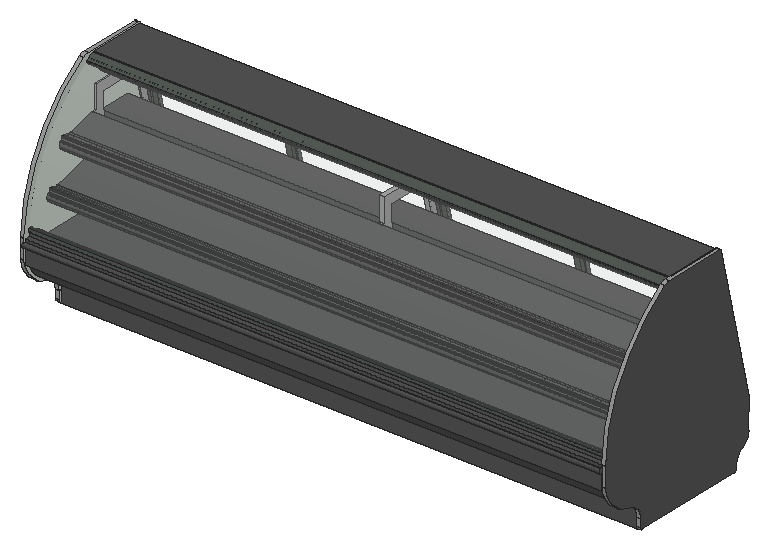
Revit family "ESBDHV_2014", category Specialty Equipment, Revit 2014 (continued)
Forms (in)
  Extrusion 34, solid, material "Sheet Metal (Steel Painted) - 701 Black" <- "Shelves", visible <- "Shelf"
    sketch origin (-5.05699, 0, 0) x (0, 1, 0) y (0, 0, 1)
      loop
        arc (-37.32465, 26.39454) -> (-37.33915, 26.39505) -> (-37.34256, 26.40915) r 0.012
        line (-37.34256, 26.40915) -> (-37.32172, 26.45686)
        arc (-37.32172, 26.45686) -> (-37.32786, 26.47264) -> (-37.34367, 26.46657) r 0.012
        arc (-37.34367, 26.46657) -> (-37.41152, 26.34131) -> (-37.49728, 26.22756) r 0.953
        arc (-37.49728, 26.22756) -> (-37.5122, 26.22502) -> (-37.51774, 26.23909) r 0.012
        line (-37.51774, 26.23909) -> (-37.49089, 26.32403)
        arc (-37.49089, 26.32403) -> (-37.49929, 26.34331) -> (-37.51953, 26.33761) r 0.016
        arc (-37.51953, 26.33761) -> (-37.54984, 26.30454) -> (-37.5708, 26.26487) r 0.17585
        arc (-37.5708, 26.26487) -> (-37.67184, 25.74843) -> (-37.60016, 25.22711) r 1.60265
        arc (-37.60016, 25.22711) -> (-37.50372, 24.99597) -> (-37.36589, 24.78686) r 1.33784
        arc (-37.36589, 24.78686) -> (-37.30966, 24.78071) -> (-37.30351, 24.83695) r 0.04
        arc (-37.30351, 24.83695) -> (-37.50964, 25.20813) -> (-37.58053, 25.62675) r 1.25784
        line (-37.58053, 25.62675) -> (-35.86781, 27.06183) -> (-35.38829, 27.19038) -> (-35.06189, 25.97284) -> (-34.62018, 26.09125)
        arc (-34.62018, 26.09125) -> (-34.58914, 26.12585) -> (-34.61053, 26.16713) r 0.04089
      loop
        line (-20.51299, 38.05499) -> (-20.51299, 36.65528) -> (-12.49399, 37.28373) -> (-12.49399, 38.05499) -> (-20.51299, 38.05499)
      loop
        line (-10.49399, 28.05499) -> (-20.51299, 28.05499) -> (-20.51299, 26.55499) -> (-10.49399, 27.30829) -> (-10.49399, 28.05499)
    from -72.25 to 72.25
Lines and regions (in)
  reference lines
    curve 1: line (-73.68199, -45.25, 0) -> (-73.68199, 0, 0)
    curve 2: line (-5.05699, -45.25, 0) -> (-5.05699, 0, 0)
    curve 3: line (63.56801, -45.25, 0) -> (63.56801, 0, 0)
    curve 4: line (58.94301, -45.25, 0) -> (58.94301, 0, 0)
    curve 5: line (-77.30699, -26.25, 0) -> (67.19301, -26.25, 0)
    curve 6: line (67.19301, -29.375, 0) -> (-77.30699, -29.375, 0)
Dimensions and locks (in)
  equal spacing: plane 3 "Left", plane 5 "Center (Left/Right)", plane 7 "Right"
  locked: plane 6 to plane 3 "Left" at 1
  "Width": plane 3 "Left" to plane 7 "Right"
  locked: plane 3 "Left" to curve 1 at 3.625
  locked: curve 3 to plane 7 "Right" at 3.625
  "Location of Drain": curve 2 to plane 7 "Right"
  "Depth": plane 4 "Front" to plane 1 "Back"
  locked: curve 4 to plane 7 "Right" at 8.25
  "Height": plane 9 to level
  locked: plane 1 "Back" to curve 5 at 26.25
  locked: plane 1 "Back" to curve 6 at 29.375
  locked: plane 7 "Right" to plane 8 at 1
  locked: Extrusion 1 sketch curve to Extrusion 1 sketch curve at 0.0398
  locked: Extrusion 3 sketch curve to Extrusion 3 sketch curve at 0.01562
  locked: Extrusion 2 sketch curve to Extrusion 2 sketch curve at 0.02391
  locked: nested 1 to plane 1 "Back" at 5.46069
  equal spacing: group 1, group 11, group 12, group 2  (x3)
  "Waste Drain": diameter of Extrusion 1 sketch curve
  "Refrigeration Lines Liquid": diameter of Extrusion 3 sketch curve
  "Refrigeration Lines Suction": diameter of Extrusion 2 sketch curve
  aligned and locked: plane 4 "Front" to curve 2
  aligned and locked: plane 4 "Front" to curve 3
  aligned and locked: plane 4 "Front" to curve 1
  aligned and locked: plane 3 "Left" to curve 5
  aligned and locked: plane 3 "Left" to curve 6
  aligned and locked: plane 7 "Right" to curve 6
  aligned and locked: plane 7 "Right" to curve 5
  aligned and locked: Extrusion 2 to level
  aligned and locked: Extrusion 3 to level
  aligned and locked: curve 6 to Extrusion 3 sketch curve  (x4)
  aligned and locked: curve 6 to Extrusion 2 sketch curve  (x4)
  aligned and locked: curve 5 to Extrusion 1 sketch curve  (x3)
  aligned and locked: curve 2 to Extrusion 1 sketch curve
  aligned and locked: curve 4 to Extrusion 3 sketch curve
  aligned and locked: curve 4 to Extrusion 2 sketch curve
  aligned and locked: curve 1 to nested 1
  aligned and locked: curve 3 to nested 2
  aligned and locked: nested 1 to nested 2
  aligned and locked: Extrusion 4 to plane 3 "Left"
  aligned and locked: plane 7 "Right" to Extrusion 4
  aligned and locked: Extrusion 5 to plane 3 "Left"
  aligned and locked: plane 7 "Right" to Extrusion 5
  aligned and locked: Extrusion 6 to plane 3 "Left"
  aligned and locked: plane 7 "Right" to Extrusion 6
  aligned and locked: Extrusion 7 to plane 3 "Left"
  aligned and locked: plane 7 "Right" to Extrusion 7
  aligned and locked: Extrusion 8 to plane 3 "Left"
  aligned and locked: plane 7 "Right" to Extrusion 8
  aligned and locked: Extrusion 9 to plane 3 "Left"
  aligned and locked: plane 7 "Right" to Extrusion 9
  aligned and locked: Extrusion 10 to plane 3 "Left"
  aligned and locked: plane 7 "Right" to Extrusion 10
  aligned and locked: Extrusion 11 to plane 3 "Left"
  aligned and locked: plane 7 "Right" to Extrusion 11
  aligned and locked: plane 3 "Left" to nested 3
  aligned and locked: plane 6 to Extrusion 12
  aligned and locked: plane 3 "Left" to Extrusion 12
  aligned and locked: plane 8 to Extrusion 13
  aligned and locked: Extrusion 13 to plane 7 "Right"
  aligned and locked: plane 3 "Left" to nested 16
  aligned and locked: Extrusion 34 to plane 3 "Left"
  aligned and locked: plane 7 "Right" to Extrusion 34
  aligned and locked: plane 3 "Left" to nested 18
  aligned and locked: plane 3 "Left" to nested 19
Automatic sketch dimensions
  Extrusion 4 sketch curve to plane 1 "Back" = 0"
  Extrusion 4 sketch curve to Extrusion 4 sketch curve = 0.0723"
  Extrusion 4 sketch curve to Extrusion 4 sketch curve = 1/16"
  plane 1 "Back" to Extrusion 4 sketch curve = 1.60851"
  plane 1 "Back" to Extrusion 4 sketch curve = 2.20656"
  Extrusion 4 sketch curve to Extrusion 4 sketch curve = 3.25412"
  plane 1 "Back" to Extrusion 4 sketch curve = 8.00359"
  Extrusion 4 sketch curve to Extrusion 4 sketch curve = 0.75705"
  Extrusion 4 sketch curve to Extrusion 4 sketch curve = 0.33718"
  Extrusion 4 sketch curve to Extrusion 4 sketch curve = 0.39668"
  Extrusion 4 sketch curve to Extrusion 4 sketch curve = 0.16794"
  Extrusion 4 sketch curve to Extrusion 4 sketch curve = 2.78568"
  Extrusion 4 sketch curve to Extrusion 4 sketch curve = 0.31253"
  Extrusion 4 sketch curve to Extrusion 4 sketch curve = 2.19048"
  Extrusion 4 sketch curve to Extrusion 4 sketch curve = 2.029"
  Extrusion 4 sketch curve to Extrusion 4 sketch curve = 1 5/16"
  Extrusion 4 sketch curve to Extrusion 4 sketch curve = 1.81552"
  Extrusion 4 sketch curve to Extrusion 4 sketch curve = 0.0445"
  Extrusion 4 sketch curve to Extrusion 4 sketch curve = 0.08765"
  Extrusion 4 sketch curve to Extrusion 4 sketch curve = 0.31835"
  plane 4 "Front" to Extrusion 4 sketch curve = 1.80748"
  plane 4 "Front" to Extrusion 4 sketch curve = 0.83751"
  Extrusion 4 sketch curve to Extrusion 4 sketch curve = 0.06162"
  Extrusion 4 sketch curve to Extrusion 4 sketch curve = 1.04819"
  Extrusion 4 sketch curve to Extrusion 4 sketch curve = 2.89188"
  Extrusion 4 sketch curve to Extrusion 4 sketch curve = 1.80547"
  Extrusion 4 sketch curve to Extrusion 4 sketch curve = 0.62752"
  Extrusion 4 sketch curve to Extrusion 4 sketch curve = 5.82138"
  Extrusion 4 sketch curve to Extrusion 4 sketch curve = 3.00447"
  Extrusion 4 sketch curve to Extrusion 4 sketch curve = 0.67339"
  Extrusion 4 sketch curve to Extrusion 4 sketch curve = 0.90707"
  Extrusion 4 sketch curve to Extrusion 4 sketch curve = 0.37157"
  Extrusion 4 sketch curve to Extrusion 4 sketch curve = 4.59112"
  Extrusion 4 sketch curve to Extrusion 4 sketch curve = 1.98904"
  Extrusion 4 sketch curve to Extrusion 4 sketch curve = 0.09696"
  Extrusion 4 sketch curve to Extrusion 4 sketch curve = 2.13427"
  plane 4 "Front" to Extrusion 6 sketch curve = 5.67701"
  Extrusion 6 sketch curve to Extrusion 6 sketch curve = 1/8"
  level to Extrusion 6 sketch curve = 16.57251"
  Extrusion 6 sketch curve to Extrusion 6 sketch curve = 2.363"
  plane 4 "Front" to Extrusion 9 sketch curve = 0.54901"
  Extrusion 9 sketch curve to Extrusion 9 sketch curve = 0.2885"
  level to Extrusion 9 sketch curve = 17.57193"
  Extrusion 9 sketch curve to Extrusion 9 sketch curve = 0.5535"
  Extrusion 10 sketch curve to level = 0"  (x2)
  plane 4 "Front" to Extrusion 10 sketch curve = 11.5786"
  level to Extrusion 10 sketch curve = 0.071"  (x4)
  plane 4 "Front" to Extrusion 10 sketch curve = 12.00031"
  Extrusion 10 sketch curve to Extrusion 10 sketch curve = 0.16328"
  Extrusion 10 sketch curve to Extrusion 10 sketch curve = 0.205"
  Extrusion 10 sketch curve to Extrusion 10 sketch curve = 0.071"  (x4)
  Extrusion 10 sketch curve to Extrusion 10 sketch curve = 0.19472"
  Extrusion 10 sketch curve to Extrusion 10 sketch curve = 0.2579"  (x3)
  Extrusion 10 sketch curve to Extrusion 10 sketch curve = 0.0461"  (x4)
  Extrusion 10 sketch curve to Extrusion 10 sketch curve = 0.603"
  plane 1 "Back" to Extrusion 10 sketch curve = 5.46069"
  Extrusion 10 sketch curve to Extrusion 10 sketch curve = 0.6565"
  plane 1 "Back" to Extrusion 10 sketch curve = 4.73319"
  Extrusion 10 sketch curve to Extrusion 10 sketch curve = 0.08622"
  Extrusion 10 sketch curve to Extrusion 10 sketch curve = 0.1705"
  Extrusion 10 sketch curve to Extrusion 10 sketch curve = 0.097"  (x2)
  Extrusion 10 sketch curve to Extrusion 10 sketch curve = 0.24578"
  Extrusion 10 sketch curve to Extrusion 10 sketch curve = 1.26842"
  Extrusion 10 sketch curve to Extrusion 10 sketch curve = 0.35581"
  Extrusion 10 sketch curve to Extrusion 10 sketch curve = 0.14419"
  Extrusion 10 sketch curve to Extrusion 10 sketch curve = 0.029"  (x3)
  level to Extrusion 10 sketch curve = 0.1"
  Extrusion 10 sketch curve to Extrusion 10 sketch curve = 0.4"  (x4)
  Extrusion 10 sketch curve to Extrusion 10 sketch curve = 4 1/2"  (x2)
  Extrusion 10 sketch curve to Extrusion 10 sketch curve = 0.419"
  Extrusion 10 sketch curve to Extrusion 10 sketch curve = 0.34428"
  Extrusion 10 sketch curve to Extrusion 10 sketch curve = 0.047"
  Extrusion 10 sketch curve to Extrusion 10 sketch curve = 0"  (x2)
  Extrusion 10 sketch curve to Extrusion 10 sketch curve = 0.54349"
  Extrusion 10 sketch curve to Extrusion 10 sketch curve = 2.281"
  Extrusion 10 sketch curve to Extrusion 10 sketch curve = 0.42049"
  plane 1 "Back" to Extrusion 11 sketch curve = 21.03957"
  Extrusion 11 sketch curve to Extrusion 11 sketch curve = 0.04532"
  Extrusion 11 sketch curve to Extrusion 11 sketch curve = 0.09223"
  Extrusion 11 sketch curve to Extrusion 11 sketch curve = 0.05393"
  Extrusion 11 sketch curve to Extrusion 11 sketch curve = 0.02196"
  Extrusion 11 sketch curve to Extrusion 11 sketch curve = 4.14394"
  Extrusion 11 sketch curve to Extrusion 11 sketch curve = 0.37214"
  Extrusion 11 sketch curve to Extrusion 11 sketch curve = 1.24707"
  Extrusion 11 sketch curve to Extrusion 11 sketch curve = 0.22629"
  Extrusion 11 sketch curve to Extrusion 11 sketch curve = 0.24899"
  Extrusion 4 sketch curve to Extrusion 4 sketch curve = 6.52627"
  Extrusion 4 sketch curve to Extrusion 4 sketch curve = 5.50762"
  Extrusion 4 sketch curve to Extrusion 4 sketch curve = 1.68365"
  Extrusion 4 sketch curve to Extrusion 4 sketch curve = 0.00462"
  Extrusion 4 sketch curve to Extrusion 4 sketch curve = 1.96902"
  Extrusion 4 sketch curve to Extrusion 4 sketch curve = 0.13211"
  Extrusion 4 sketch curve to Extrusion 4 sketch curve = 2.88001"
  Extrusion 4 sketch curve to Extrusion 4 sketch curve = 7.0595"
  Extrusion 4 sketch curve to Extrusion 4 sketch curve = 1.26095"
  Extrusion 4 sketch curve to Extrusion 4 sketch curve = 0.21378"
  level to Extrusion 4 sketch curve = 21.27853"
  plane 9 to Extrusion 4 sketch curve = 2.57642"
  Extrusion 4 sketch curve to Extrusion 4 sketch curve = 1.39663"
  plane 9 to Extrusion 11 sketch curve = 3.82173"
  Extrusion 11 sketch curve to Extrusion 11 sketch curve = 0.48867"
  Extrusion 11 sketch curve to Extrusion 11 sketch curve = 0.20316"
  Extrusion 11 sketch curve to Extrusion 11 sketch curve = 0.02113"
  Extrusion 11 sketch curve to Extrusion 11 sketch curve = 0.18242"
  Extrusion 4 sketch curve to Extrusion 4 sketch curve = 0.422"
  Extrusion 4 sketch curve to Extrusion 4 sketch curve = 0.04716"
  Extrusion 4 sketch curve to Extrusion 4 sketch curve = 3/8"
  Extrusion 4 sketch curve to Extrusion 4 sketch curve = 0.19916"
  Extrusion 4 sketch curve to Extrusion 4 sketch curve = 10.21519"
  Extrusion 4 sketch curve to Extrusion 4 sketch curve = 1.35301"
  level to Extrusion 4 sketch curve = 13.09183"
  Extrusion 4 sketch curve to Extrusion 4 sketch curve = 0.00096"
  Extrusion 4 sketch curve to Extrusion 4 sketch curve = 3.16509"
  plane 9 to Extrusion 4 sketch curve = 0.00028"
  Extrusion 4 sketch curve to Extrusion 4 sketch curve = 11.29927"
  plane 4 "Front" to Extrusion 5 sketch curve = 6.15401"
  plane 1 "Back" to Extrusion 5 sketch curve = 8.35999"
  level to Extrusion 5 sketch curve = 16.88651"
  Extrusion 5 sketch curve to Extrusion 5 sketch curve = 0.85716"
  Extrusion 11 sketch curve to Extrusion 11 sketch curve = 0.2131"
  Extrusion 11 sketch curve to Extrusion 11 sketch curve = 0.01632"
  Extrusion 11 sketch curve to Extrusion 11 sketch curve = 0.08658"
  Extrusion 11 sketch curve to Extrusion 11 sketch curve = 0.035"
  plane 9 to Extrusion 11 sketch curve = 4.77867"
  Extrusion 11 sketch curve to Extrusion 11 sketch curve = 0.14492"
  Extrusion 11 sketch curve to Extrusion 11 sketch curve = 0.35493"
  Extrusion 7 sketch curve to Extrusion 7 sketch curve = 0"  (x2)
  plane 4 "Front" to Extrusion 7 sketch curve = 1.87121"
  Extrusion 7 sketch curve to Extrusion 7 sketch curve = 0.235"
  plane 9 to Extrusion 7 sketch curve = 1.04562"
  plane 4 "Front" to Extrusion 7 sketch curve = 20.77505"
  plane 9 to Extrusion 7 sketch curve = 1.24526"
  Extrusion 7 sketch curve to Extrusion 7 sketch curve = 0.12588"
  plane 1 "Back" to Extrusion 7 sketch curve = 3.31271"
  level to Extrusion 7 sketch curve = 20.55207"
  plane 9 to Extrusion 8 sketch curve = 1.85264"
  Extrusion 8 sketch curve to Extrusion 8 sketch curve = 0.01665"
  plane 9 to Extrusion 8 sketch curve = 1.85879"
  Extrusion 8 sketch curve to Extrusion 8 sketch curve = 0.0105"
  plane 9 to Extrusion 8 sketch curve = 1.76424"
  Extrusion 8 sketch curve to Extrusion 8 sketch curve = 0.14996"
  Extrusion 8 sketch curve to Extrusion 8 sketch curve = 0.26642"
  Extrusion 8 sketch curve to Extrusion 8 sketch curve = 43/256"
  plane 9 to Extrusion 8 sketch curve = 1.67156"
  Extrusion 8 sketch curve to Extrusion 8 sketch curve = 0.11418"
  Extrusion 8 sketch curve to Extrusion 8 sketch curve = 0.19831"
  plane 9 to Extrusion 8 sketch curve = 2.61795"
  Extrusion 8 sketch curve to Extrusion 8 sketch curve = 0.68593"
  Extrusion 8 sketch curve to Extrusion 8 sketch curve = 0"  (x10)
  Extrusion 8 sketch curve to plane 9 = 1.07643"
  Extrusion 8 sketch curve to Extrusion 8 sketch curve = 2.057"
  Extrusion 8 sketch curve to Extrusion 8 sketch curve = 0.00014"
  Extrusion 8 sketch curve to Extrusion 8 sketch curve = 0.38614"
  Extrusion 8 sketch curve to Extrusion 8 sketch curve = 0.90137"
  Extrusion 8 sketch curve to Extrusion 8 sketch curve = 0.5177"
  Extrusion 8 sketch curve to Extrusion 8 sketch curve = 0.11837"
  Extrusion 8 sketch curve to Extrusion 8 sketch curve = 0.52861"
  plane 9 to Extrusion 8 sketch curve = 0.16072"
  Extrusion 8 sketch curve to Extrusion 8 sketch curve = 0.16779"
  Extrusion 8 sketch curve to Extrusion 8 sketch curve = 0.18514"
  Extrusion 8 sketch curve to Extrusion 8 sketch curve = 0.13285"
  plane 9 to Extrusion 8 sketch curve = 1.44571"
  Extrusion 8 sketch curve to Extrusion 8 sketch curve = 0.04758"
  plane 4 "Front" to Extrusion 8 sketch curve = 2.10621"
  Extrusion 8 sketch curve to Extrusion 8 sketch curve = 0.38302"
  Extrusion 8 sketch curve to Extrusion 8 sketch curve = 0.235"
  Extrusion 8 sketch curve to Extrusion 8 sketch curve = 0.12588"
  Extrusion 8 sketch curve to Extrusion 8 sketch curve = 18.19741"
  Extrusion 8 sketch curve to Extrusion 8 sketch curve = 0.23482"
  Extrusion 8 sketch curve to Extrusion 8 sketch curve = 0.19964"
  Extrusion 8 sketch curve to Extrusion 8 sketch curve = 0.02167"
  Extrusion 8 sketch curve to Extrusion 8 sketch curve = 0.55032"
  Extrusion 8 sketch curve to Extrusion 8 sketch curve = 0.08335"
  Extrusion 8 sketch curve to Extrusion 8 sketch curve = 0.00203"
  Extrusion 8 sketch curve to Extrusion 8 sketch curve = 0.00826"
  Extrusion 8 sketch curve to Extrusion 8 sketch curve = 0.06169"
  Extrusion 8 sketch curve to Extrusion 8 sketch curve = 0.05857"
  Extrusion 8 sketch curve to Extrusion 8 sketch curve = 0.00312"
  Extrusion 8 sketch curve to Extrusion 8 sketch curve = 0.07225"
  Extrusion 8 sketch curve to Extrusion 8 sketch curve = 0.17559"
  Extrusion 8 sketch curve to Extrusion 8 sketch curve = 0.0792"
  Extrusion 8 sketch curve to Extrusion 8 sketch curve = 0.23904"
  Extrusion 8 sketch curve to Extrusion 8 sketch curve = 0.02414"
  Extrusion 8 sketch curve to Extrusion 8 sketch curve = 0.06418"
  Extrusion 8 sketch curve to Extrusion 8 sketch curve = 0.00648"
  plane 1 "Back" to Extrusion 8 sketch curve = 3.31271"
  Extrusion 34 sketch curve to Extrusion 34 sketch curve = 0"  (x20)
  plane 4 "Front" to Extrusion 34 sketch curve = 7.03678"
  Extrusion 34 sketch curve to Extrusion 34 sketch curve = 0.33941"  (x2)
  Extrusion 34 sketch curve to Extrusion 34 sketch curve = 0.25125"  (x2)
  Extrusion 34 sketch curve to Extrusion 34 sketch curve = 0.63268"  (x2)
  Extrusion 34 sketch curve to Extrusion 34 sketch curve = 0.06279"  (x2)
  Extrusion 34 sketch curve to Extrusion 34 sketch curve = 0.01144"  (x2)
  Extrusion 34 sketch curve to Extrusion 34 sketch curve = 0.0116"  (x2)
  Extrusion 34 sketch curve to Extrusion 34 sketch curve = 0.01526"  (x2)
  Extrusion 34 sketch curve to Extrusion 34 sketch curve = 0.1002"  (x2)
  Extrusion 34 sketch curve to Extrusion 34 sketch curve = 0.14832"  (x2)
  Extrusion 34 sketch curve to Extrusion 34 sketch curve = 0.24583"  (x2)
  Extrusion 34 sketch curve to Extrusion 34 sketch curve = 0.00985"  (x2)
  Extrusion 34 sketch curve to Extrusion 34 sketch curve = 0.011"  (x4)
  Extrusion 34 sketch curve to Extrusion 34 sketch curve = 0.57258"  (x2)
  Extrusion 34 sketch curve to Extrusion 34 sketch curve = 0.63622"  (x2)
  Extrusion 34 sketch curve to Extrusion 34 sketch curve = 0.00442"  (x4)
  Extrusion 34 sketch curve to Extrusion 34 sketch curve = 0.0403"  (x2)
  Extrusion 34 sketch curve to Extrusion 34 sketch curve = 0.00809"  (x2)
  Extrusion 34 sketch curve to Extrusion 34 sketch curve = 0.00956"  (x2)
  Extrusion 34 sketch curve to Extrusion 34 sketch curve = 0.07475"  (x2)
  Extrusion 34 sketch curve to Extrusion 34 sketch curve = 0.01112"  (x2)
  Extrusion 34 sketch curve to Extrusion 34 sketch curve = 0.0043"  (x2)
  Extrusion 34 sketch curve to Extrusion 34 sketch curve = 0.03874"  (x2)
  Extrusion 34 sketch curve to Extrusion 34 sketch curve = 1/16"  (x2)
  Extrusion 34 sketch curve to Extrusion 34 sketch curve = 0.00322"  (x2)
  Extrusion 34 sketch curve to Extrusion 34 sketch curve = 0.04895"  (x2)
  Extrusion 34 sketch curve to Extrusion 34 sketch curve = 0.02065"  (x2)
  Extrusion 34 sketch curve to Extrusion 34 sketch curve = 1.08341"  (x2)
  Extrusion 34 sketch curve to Extrusion 34 sketch curve = 0.30806"  (x2)
  Extrusion 34 sketch curve to Extrusion 34 sketch curve = 0.25286"  (x2)
  Extrusion 34 sketch curve to Extrusion 34 sketch curve = 0.09192"  (x2)
  Extrusion 34 sketch curve to Extrusion 34 sketch curve = 0.13675"
  Extrusion 34 sketch curve to Extrusion 34 sketch curve = 0.47952"
  Extrusion 34 sketch curve to Extrusion 34 sketch curve = 0.05714"
  Extrusion 34 sketch curve to Extrusion 34 sketch curve = 0.1621"
  Extrusion 34 sketch curve to Extrusion 34 sketch curve = 0.02898"  (x2)
  Extrusion 34 sketch curve to Extrusion 34 sketch curve = 0.00775"  (x5)
  Extrusion 34 sketch curve to Extrusion 34 sketch curve = 0.12757"
  Extrusion 34 sketch curve to Extrusion 34 sketch curve = 0.43218"
  Extrusion 34 sketch curve to Extrusion 34 sketch curve = 0.00952"
  Extrusion 34 sketch curve to Extrusion 34 sketch curve = 0.01918"
  Extrusion 34 sketch curve to Extrusion 34 sketch curve = 2.70111"
  Extrusion 34 sketch curve to Extrusion 34 sketch curve = 0.85125"  (x2)
  Extrusion 34 sketch curve to Extrusion 34 sketch curve = 0.01549"  (x2)
  Extrusion 34 sketch curve to Extrusion 34 sketch curve = 0.05797"  (x2)
  Extrusion 34 sketch curve to Extrusion 34 sketch curve = 1.14874"
  Extrusion 34 sketch curve to Extrusion 34 sketch curve = 35/256"
  Extrusion 34 sketch curve to Extrusion 34 sketch curve = 0.48007"
  Extrusion 34 sketch curve to Extrusion 34 sketch curve = 0.05663"
  Extrusion 34 sketch curve to Extrusion 34 sketch curve = 0.16159"
  Extrusion 34 sketch curve to Extrusion 34 sketch curve = 0.12751"
  Extrusion 34 sketch curve to Extrusion 34 sketch curve = 0.43401"
  Extrusion 34 sketch curve to Extrusion 34 sketch curve = 0.02317"
  Extrusion 34 sketch curve to Extrusion 34 sketch curve = 1.14876"
  Extrusion 34 sketch curve to Extrusion 34 sketch curve = 6.01568"
  Extrusion 34 sketch curve to Extrusion 34 sketch curve = 0.38731"
  Extrusion 34 sketch curve to Extrusion 34 sketch curve = 6.809"
  plane 9 to Extrusion 34 sketch curve = 14.56517"
  Extrusion 34 sketch curve to Extrusion 34 sketch curve = 0.36142"
  Extrusion 34 sketch curve to Extrusion 34 sketch curve = 0.11778"
  Extrusion 34 sketch curve to Extrusion 34 sketch curve = 0.10446"
  Extrusion 34 sketch curve to Extrusion 34 sketch curve = 0.01648"
  Extrusion 34 sketch curve to Extrusion 34 sketch curve = 0.03744"  (x2)
  Extrusion 34 sketch curve to Extrusion 34 sketch curve = 0.04043"  (x2)
  Extrusion 34 sketch curve to Extrusion 34 sketch curve = 0.01151"  (x2)
  Extrusion 34 sketch curve to Extrusion 34 sketch curve = 0.01156"  (x2)
  Extrusion 34 sketch curve to Extrusion 34 sketch curve = 0.03479"
  Extrusion 34 sketch curve to Extrusion 34 sketch curve = 0.09794"
  Extrusion 34 sketch curve to Extrusion 34 sketch curve = 0.06667"
  Extrusion 34 sketch curve to Extrusion 34 sketch curve = 0.2358"  (x2)
  Extrusion 34 sketch curve to Extrusion 34 sketch curve = 0.10969"  (x2)
  Extrusion 34 sketch curve to Extrusion 34 sketch curve = 0.20628"
  Extrusion 34 sketch curve to Extrusion 34 sketch curve = 0.14531"  (x2)
  Extrusion 34 sketch curve to Extrusion 34 sketch curve = 0.00804"  (x2)
  Extrusion 34 sketch curve to Extrusion 34 sketch curve = 0.01115"  (x4)
  Extrusion 34 sketch curve to Extrusion 34 sketch curve = 0.04627"
  Extrusion 34 sketch curve to Extrusion 34 sketch curve = 0.04247"  (x2)
  Extrusion 34 sketch curve to Extrusion 34 sketch curve = 0.02273"  (x2)
  Extrusion 34 sketch curve to Extrusion 34 sketch curve = 0.20898"  (x2)
  Extrusion 34 sketch curve to Extrusion 34 sketch curve = 0.31685"  (x2)
  Extrusion 34 sketch curve to Extrusion 34 sketch curve = 0.71175"  (x2)
  Extrusion 34 sketch curve to Extrusion 34 sketch curve = 0.0048"  (x4)
  Extrusion 34 sketch curve to Extrusion 34 sketch curve = 0.0477"  (x2)
  Extrusion 34 sketch curve to Extrusion 34 sketch curve = 0.0803"  (x2)
  Extrusion 34 sketch curve to Extrusion 34 sketch curve = 0.00482"  (x2)
  Extrusion 34 sketch curve to Extrusion 34 sketch curve = 0.08494"  (x2)
  Extrusion 34 sketch curve to Extrusion 34 sketch curve = 0.00362"  (x2)
  Extrusion 34 sketch curve to Extrusion 34 sketch curve = 0.02432"  (x2)
  Extrusion 34 sketch curve to Extrusion 34 sketch curve = 0.04804"
  Extrusion 34 sketch curve to Extrusion 34 sketch curve = 0.26815"
  Extrusion 34 sketch curve to Extrusion 34 sketch curve = 0.57648"  (x2)
  Extrusion 34 sketch curve to Extrusion 34 sketch curve = 0.07865"  (x2)
  Extrusion 34 sketch curve to Extrusion 34 sketch curve = 0.81485"  (x2)
  Extrusion 34 sketch curve to Extrusion 34 sketch curve = 2.93648"
  Extrusion 34 sketch curve to Extrusion 34 sketch curve = 3.27362"
  Extrusion 34 sketch curve to Extrusion 34 sketch curve = 6.86417"
  Extrusion 34 sketch curve to Extrusion 34 sketch curve = 1.44913"
  Extrusion 34 sketch curve to Extrusion 34 sketch curve = 0.57136"  (x2)
  Extrusion 34 sketch curve to Extrusion 34 sketch curve = 0.67582"
  Extrusion 34 sketch curve to Extrusion 34 sketch curve = 0.2289"
  Extrusion 34 sketch curve to Extrusion 34 sketch curve = 0.02551"
  Extrusion 34 sketch curve to Extrusion 34 sketch curve = 0.09789"
  Extrusion 34 sketch curve to Extrusion 34 sketch curve = 0.05739"
  Extrusion 34 sketch curve to Extrusion 34 sketch curve = 0.04645"
  Extrusion 34 sketch curve to Extrusion 34 sketch curve = 0.07588"
  Extrusion 34 sketch curve to Extrusion 34 sketch curve = 0.26974"
  Extrusion 34 sketch curve to Extrusion 34 sketch curve = 2.9384"
  Extrusion 34 sketch curve to Extrusion 34 sketch curve = 0.01963"  (x2)
  Extrusion 34 sketch curve to Extrusion 34 sketch curve = 0.03213"  (x2)
  Extrusion 34 sketch curve to Extrusion 34 sketch curve = 0.17909"  (x2)
  Extrusion 34 sketch curve to Extrusion 34 sketch curve = 8.019"
  Extrusion 34 sketch curve to Extrusion 34 sketch curve = 0.90455"
  Extrusion 34 sketch curve to Extrusion 34 sketch curve = 0.62845"
  Extrusion 34 sketch curve to Extrusion 34 sketch curve = 0.77125"
  Extrusion 34 sketch curve to Extrusion 34 sketch curve = 2"
  Extrusion 34 sketch curve to Extrusion 34 sketch curve = 1.90795"
  Extrusion 34 sketch curve to Extrusion 34 sketch curve = 0.75331"
  Extrusion 34 sketch curve to Extrusion 34 sketch curve = 2.6911"
  Extrusion 34 sketch curve to Extrusion 34 sketch curve = 2.717"
  Extrusion 34 sketch curve to Extrusion 34 sketch curve = 0.74669"
  Extrusion 31 sketch curve to Extrusion 31 sketch curve = 0.09404"
  Extrusion 31 sketch curve to Extrusion 31 sketch curve = 0.2658"
  Extrusion 31 sketch curve to Extrusion 31 sketch curve = 0.17176"
  Extrusion 31 sketch curve to Extrusion 31 sketch curve = 0.04251"  (x2)
  Extrusion 31 sketch curve to Extrusion 31 sketch curve = 0.04837"  (x2)
  Extrusion 31 sketch curve to Extrusion 31 sketch curve = 0.62722"
  Extrusion 31 sketch curve to Extrusion 31 sketch curve = 0.55908"
  Extrusion 31 sketch curve to Extrusion 31 sketch curve = 0.3471"  (x2)
  Extrusion 31 sketch curve to Extrusion 31 sketch curve = 0.36832"
  Extrusion 31 sketch curve to Extrusion 31 sketch curve = 0.39422"
  Extrusion 31 sketch curve to Extrusion 31 sketch curve = 0.13378"  (x2)
  Extrusion 31 sketch curve to Extrusion 31 sketch curve = 0.20492"  (x2)
  Extrusion 31 sketch curve to Extrusion 31 sketch curve = 0"  (x2)
  Extrusion 31 sketch curve to Extrusion 31 sketch curve = 1.85"  (x2)
  Extrusion 31 sketch curve to Extrusion 31 sketch curve = 0.295"  (x2)
  Extrusion 31 sketch curve to Extrusion 31 sketch curve = 0.044"  (x2)
  Extrusion 31 sketch curve to Extrusion 31 sketch curve = 0.63591"
  Extrusion 31 sketch curve to Extrusion 31 sketch curve = 0.57353"
  Extrusion 31 sketch curve to Extrusion 31 sketch curve = 8.04304"
  Extrusion 31 sketch curve to Extrusion 31 sketch curve = 1.33836"
  Extrusion 31 sketch curve to Extrusion 31 sketch curve = 1.70167"
  Extrusion 31 sketch curve to Extrusion 31 sketch curve = 2.15449"
  Extrusion 31 sketch curve to Extrusion 31 sketch curve = 1.36061"  (x2)
  Extrusion 31 sketch curve to Extrusion 31 sketch curve = 3.467"  (x2)
  Extrusion 31 sketch curve to Extrusion 31 sketch curve = 12.13288"
  Extrusion 31 sketch curve to Extrusion 31 sketch curve = 0.39019"
  Extrusion 31 sketch curve to Extrusion 31 sketch curve = 2.70488"
  Extrusion 31 sketch curve to Extrusion 31 sketch curve = 0.0262"
  Extrusion 31 sketch curve to Extrusion 31 sketch curve = 0.10853"
  Extrusion 31 sketch curve to Extrusion 31 sketch curve = 2.3"  (x2)
  Extrusion 31 sketch curve to Extrusion 31 sketch curve = 0.96123"
  Extrusion 31 sketch curve to Extrusion 31 sketch curve = 1.32343"
  Extrusion 31 sketch curve to Extrusion 31 sketch curve = 0.32848"
  Extrusion 31 sketch curve to Extrusion 31 sketch curve = 1.52224"
  Extrusion 31 sketch curve to Extrusion 31 sketch curve = 0.04312"
  Extrusion 31 sketch curve to Extrusion 31 sketch curve = 0.74177"
  Extrusion 31 sketch curve to Extrusion 31 sketch curve = 1.26897"
  Extrusion 31 sketch curve to Extrusion 31 sketch curve = 0.04369"  (x2)
  Extrusion 31 sketch curve to Extrusion 31 sketch curve = 0.7271"  (x2)
  Extrusion 31 sketch curve to Extrusion 31 sketch curve = 0.18734"  (x2)
  Extrusion 31 sketch curve to Extrusion 31 sketch curve = 0.32655"
  Extrusion 31 sketch curve to Extrusion 31 sketch curve = 0.11253"
  Extrusion 31 sketch curve to Extrusion 31 sketch curve = 1/16"
  Extrusion 31 sketch curve to Extrusion 31 sketch curve = 0.75037"  (x2)
  Extrusion 31 sketch curve to Extrusion 31 sketch curve = 0.04149"  (x2)
  Extrusion 31 sketch curve to Extrusion 31 sketch curve = 0.13643"  (x2)
  Extrusion 31 sketch curve to Extrusion 31 sketch curve = 0.3302"  (x2)
  Extrusion 31 sketch curve to Extrusion 31 sketch curve = 0.51668"  (x2)
  Extrusion 31 sketch curve to Extrusion 31 sketch curve = 6.37333"
  Extrusion 31 sketch curve to Extrusion 31 sketch curve = 0.35852"
  Extrusion 31 sketch curve to Extrusion 31 sketch curve = 0.04984"
  Extrusion 31 sketch curve to Extrusion 31 sketch curve = 0.41992"
  Extrusion 31 sketch curve to Extrusion 31 sketch curve = 0.50158"
  Extrusion 31 sketch curve to Extrusion 31 sketch curve = 0.03439"
  Extrusion 31 sketch curve to Extrusion 31 sketch curve = 1.21236"
  Extrusion 31 sketch curve to Extrusion 31 sketch curve = 0.19605"  (x2)
  Extrusion 31 sketch curve to Extrusion 31 sketch curve = 0.18883"  (x2)
  Extrusion 31 sketch curve to Extrusion 31 sketch curve = 1.62254"
  Extrusion 30 sketch curve to Extrusion 30 sketch curve = 0.09404"
  Extrusion 30 sketch curve to Extrusion 30 sketch curve = 0.2658"
  Extrusion 30 sketch curve to Extrusion 30 sketch curve = 0.17176"
  Extrusion 30 sketch curve to Extrusion 30 sketch curve = 0.04251"  (x2)
  Extrusion 30 sketch curve to Extrusion 30 sketch curve = 0.04837"  (x2)
  Extrusion 30 sketch curve to Extrusion 30 sketch curve = 0.62722"
  Extrusion 30 sketch curve to Extrusion 30 sketch curve = 0.55908"
  Extrusion 30 sketch curve to Extrusion 30 sketch curve = 0.3471"  (x2)
  Extrusion 30 sketch curve to Extrusion 30 sketch curve = 0.19605"  (x2)
  Extrusion 30 sketch curve to Extrusion 30 sketch curve = 0.05047"  (x2)
  Extrusion 30 sketch curve to Extrusion 30 sketch curve = 0.36832"
  Extrusion 30 sketch curve to Extrusion 30 sketch curve = 0.39422"
  Extrusion 30 sketch curve to Extrusion 30 sketch curve = 0.13378"  (x2)
  Extrusion 30 sketch curve to Extrusion 30 sketch curve = 0.20492"  (x2)
  Extrusion 30 sketch curve to Extrusion 30 sketch curve = 0.25538"
  Extrusion 30 sketch curve to Extrusion 30 sketch curve = 1.85"  (x3)
  Extrusion 30 sketch curve to Extrusion 30 sketch curve = 0.295"  (x2)
  Extrusion 30 sketch curve to Extrusion 30 sketch curve = 0.044"  (x2)
  Extrusion 30 sketch curve to Extrusion 30 sketch curve = 0.57353"
  Extrusion 30 sketch curve to Extrusion 30 sketch curve = 0.63591"
  Extrusion 30 sketch curve to Extrusion 30 sketch curve = 8.04304"
  Extrusion 30 sketch curve to Extrusion 30 sketch curve = 1.33836"
  Extrusion 30 sketch curve to Extrusion 30 sketch curve = 1.70167"
  Extrusion 30 sketch curve to Extrusion 30 sketch curve = 2.15449"
  Extrusion 30 sketch curve to Extrusion 30 sketch curve = 1.36061"  (x2)
  Extrusion 30 sketch curve to Extrusion 30 sketch curve = 3.467"  (x2)
  Extrusion 30 sketch curve to Extrusion 30 sketch curve = 12.13288"
  Extrusion 30 sketch curve to Extrusion 30 sketch curve = 0.39019"
  Extrusion 30 sketch curve to Extrusion 30 sketch curve = 2.70488"
  Extrusion 30 sketch curve to Extrusion 30 sketch curve = 0.0262"
  Extrusion 30 sketch curve to Extrusion 30 sketch curve = 0.10853"
  Extrusion 30 sketch curve to Extrusion 30 sketch curve = 2.3"  (x2)
  Extrusion 30 sketch curve to Extrusion 30 sketch curve = 0.96123"
  Extrusion 30 sketch curve to Extrusion 30 sketch curve = 1.32343"
  Extrusion 30 sketch curve to Extrusion 30 sketch curve = 0.32848"
  Extrusion 30 sketch curve to Extrusion 30 sketch curve = 1.52224"
  Extrusion 30 sketch curve to Extrusion 30 sketch curve = 0.04312"
  Extrusion 30 sketch curve to Extrusion 30 sketch curve = 0.74177"
  Extrusion 30 sketch curve to Extrusion 30 sketch curve = 1.26897"
  Extrusion 30 sketch curve to Extrusion 30 sketch curve = 0.04369"  (x2)
  Extrusion 30 sketch curve to Extrusion 30 sketch curve = 0.7271"  (x2)
  Extrusion 30 sketch curve to Extrusion 30 sketch curve = 0.18734"  (x2)
  Extrusion 30 sketch curve to Extrusion 30 sketch curve = 0.32655"
  Extrusion 30 sketch curve to Extrusion 30 sketch curve = 0.11253"
  Extrusion 30 sketch curve to Extrusion 30 sketch curve = 1/16"
  Extrusion 30 sketch curve to Extrusion 30 sketch curve = 0.75037"  (x2)
  Extrusion 30 sketch curve to Extrusion 30 sketch curve = 0.04149"  (x2)
  Extrusion 30 sketch curve to Extrusion 30 sketch curve = 0.13643"  (x2)
  Extrusion 30 sketch curve to Extrusion 30 sketch curve = 0.3302"  (x2)
  Extrusion 30 sketch curve to Extrusion 30 sketch curve = 0.36935"  (x2)
  Extrusion 30 sketch curve to Extrusion 30 sketch curve = 5.19877"
  Extrusion 30 sketch curve to Extrusion 30 sketch curve = 1.26401"
  Extrusion 30 sketch curve to Extrusion 30 sketch curve = 1.62254"
  Extrusion 30 sketch curve to Extrusion 30 sketch curve = 0.04984"
  Extrusion 30 sketch curve to Extrusion 30 sketch curve = 0.41992"
  Extrusion 30 sketch curve to Extrusion 30 sketch curve = 0.50158"
  Extrusion 30 sketch curve to Extrusion 30 sketch curve = 0.03439"
  Extrusion 30 sketch curve to Extrusion 30 sketch curve = 1.16867"
  Extrusion 33 sketch curve to Extrusion 33 sketch curve = 0.09404"
  Extrusion 33 sketch curve to Extrusion 33 sketch curve = 0.2658"
  Extrusion 33 sketch curve to Extrusion 33 sketch curve = 0.17176"
  Extrusion 33 sketch curve to Extrusion 33 sketch curve = 0.04251"  (x2)
  Extrusion 33 sketch curve to Extrusion 33 sketch curve = 0.04837"  (x2)
  Extrusion 33 sketch curve to Extrusion 33 sketch curve = 0.62722"
  Extrusion 33 sketch curve to Extrusion 33 sketch curve = 0.55908"
  Extrusion 33 sketch curve to Extrusion 33 sketch curve = 0.3471"  (x2)
  Extrusion 33 sketch curve to Extrusion 33 sketch curve = 0.36832"
  Extrusion 33 sketch curve to Extrusion 33 sketch curve = 0.39422"
  Extrusion 33 sketch curve to Extrusion 33 sketch curve = 0.13378"  (x2)
  Extrusion 33 sketch curve to Extrusion 33 sketch curve = 0.20492"  (x2)
  Extrusion 33 sketch curve to Extrusion 33 sketch curve = 0"  (x2)
  Extrusion 33 sketch curve to Extrusion 33 sketch curve = 1.85"  (x2)
  Extrusion 33 sketch curve to Extrusion 33 sketch curve = 0.295"  (x2)
  Extrusion 33 sketch curve to Extrusion 33 sketch curve = 0.044"  (x2)
  Extrusion 33 sketch curve to Extrusion 33 sketch curve = 0.63591"
  Extrusion 33 sketch curve to Extrusion 33 sketch curve = 0.57353"
  Extrusion 33 sketch curve to Extrusion 33 sketch curve = 8.04304"
  Extrusion 33 sketch curve to Extrusion 33 sketch curve = 1.33836"
  Extrusion 33 sketch curve to Extrusion 33 sketch curve = 1.70167"
  Extrusion 33 sketch curve to Extrusion 33 sketch curve = 2.15449"
  Extrusion 33 sketch curve to Extrusion 33 sketch curve = 1.36061"  (x2)
  Extrusion 33 sketch curve to Extrusion 33 sketch curve = 3.467"  (x2)
  Extrusion 33 sketch curve to Extrusion 33 sketch curve = 12.13288"
  Extrusion 33 sketch curve to Extrusion 33 sketch curve = 0.39019"
  Extrusion 33 sketch curve to Extrusion 33 sketch curve = 2.70488"
  Extrusion 33 sketch curve to Extrusion 33 sketch curve = 0.0262"
  Extrusion 33 sketch curve to Extrusion 33 sketch curve = 0.10853"
  Extrusion 33 sketch curve to Extrusion 33 sketch curve = 2.3"  (x2)
  Extrusion 33 sketch curve to Extrusion 33 sketch curve = 0.96123"
  Extrusion 33 sketch curve to Extrusion 33 sketch curve = 1.32343"
  Extrusion 33 sketch curve to Extrusion 33 sketch curve = 0.32848"
  Extrusion 33 sketch curve to Extrusion 33 sketch curve = 1.52224"
  Extrusion 33 sketch curve to Extrusion 33 sketch curve = 0.04312"
  Extrusion 33 sketch curve to Extrusion 33 sketch curve = 0.74177"
  Extrusion 33 sketch curve to Extrusion 33 sketch curve = 1.26897"
  Extrusion 33 sketch curve to Extrusion 33 sketch curve = 0.04369"  (x2)
  Extrusion 33 sketch curve to Extrusion 33 sketch curve = 0.7271"  (x2)
  Extrusion 33 sketch curve to Extrusion 33 sketch curve = 0.18734"  (x2)
  Extrusion 33 sketch curve to Extrusion 33 sketch curve = 0.32655"
  Extrusion 33 sketch curve to Extrusion 33 sketch curve = 0.11253"
  Extrusion 33 sketch curve to Extrusion 33 sketch curve = 1/16"
  Extrusion 33 sketch curve to Extrusion 33 sketch curve = 0.75037"  (x2)
  Extrusion 33 sketch curve to Extrusion 33 sketch curve = 0.04149"  (x2)
  Extrusion 33 sketch curve to Extrusion 33 sketch curve = 0.13643"  (x2)
  Extrusion 33 sketch curve to Extrusion 33 sketch curve = 0.3302"  (x2)
  Extrusion 33 sketch curve to Extrusion 33 sketch curve = 0.51668"  (x2)
  Extrusion 33 sketch curve to Extrusion 33 sketch curve = 6.37333"
  Extrusion 33 sketch curve to Extrusion 33 sketch curve = 0.35852"
  Extrusion 33 sketch curve to Extrusion 33 sketch curve = 0.04984"
  Extrusion 33 sketch curve to Extrusion 33 sketch curve = 0.41992"
  Extrusion 33 sketch curve to Extrusion 33 sketch curve = 0.50158"
  Extrusion 33 sketch curve to Extrusion 33 sketch curve = 0.03439"
  Extrusion 33 sketch curve to Extrusion 33 sketch curve = 1.21236"
  Extrusion 33 sketch curve to Extrusion 33 sketch curve = 0.19605"  (x2)
  Extrusion 33 sketch curve to Extrusion 33 sketch curve = 0.18883"  (x2)
  Extrusion 33 sketch curve to Extrusion 33 sketch curve = 1.62254"
  Extrusion 32 sketch curve to Extrusion 32 sketch curve = 0.09404"
  Extrusion 32 sketch curve to Extrusion 32 sketch curve = 0.2658"
  Extrusion 32 sketch curve to Extrusion 32 sketch curve = 0.17176"
  Extrusion 32 sketch curve to Extrusion 32 sketch curve = 0.04251"  (x2)
  Extrusion 32 sketch curve to Extrusion 32 sketch curve = 0.04837"  (x2)
  Extrusion 32 sketch curve to Extrusion 32 sketch curve = 0.62722"
  Extrusion 32 sketch curve to Extrusion 32 sketch curve = 0.55908"
  Extrusion 32 sketch curve to Extrusion 32 sketch curve = 0.3471"  (x2)
  Extrusion 32 sketch curve to Extrusion 32 sketch curve = 0.19605"  (x2)
  Extrusion 32 sketch curve to Extrusion 32 sketch curve = 0.05047"  (x2)
  Extrusion 32 sketch curve to Extrusion 32 sketch curve = 0.36832"
  Extrusion 32 sketch curve to Extrusion 32 sketch curve = 0.39422"
  Extrusion 32 sketch curve to Extrusion 32 sketch curve = 0.13378"  (x2)
  Extrusion 32 sketch curve to Extrusion 32 sketch curve = 0.20492"  (x2)
  Extrusion 32 sketch curve to Extrusion 32 sketch curve = 0.25538"
  Extrusion 32 sketch curve to Extrusion 32 sketch curve = 1.85"  (x3)
  Extrusion 32 sketch curve to Extrusion 32 sketch curve = 0.295"  (x2)
  Extrusion 32 sketch curve to Extrusion 32 sketch curve = 0.044"  (x2)
  Extrusion 32 sketch curve to Extrusion 32 sketch curve = 0.57353"
  Extrusion 32 sketch curve to Extrusion 32 sketch curve = 0.63591"
  Extrusion 32 sketch curve to Extrusion 32 sketch curve = 8.04304"
  Extrusion 32 sketch curve to Extrusion 32 sketch curve = 1.33836"
  Extrusion 32 sketch curve to Extrusion 32 sketch curve = 1.70167"
  Extrusion 32 sketch curve to Extrusion 32 sketch curve = 2.15449"
  Extrusion 32 sketch curve to Extrusion 32 sketch curve = 1.36061"  (x2)
  Extrusion 32 sketch curve to Extrusion 32 sketch curve = 3.467"  (x2)
  Extrusion 32 sketch curve to Extrusion 32 sketch curve = 12.13288"
  Extrusion 32 sketch curve to Extrusion 32 sketch curve = 0.39019"
  Extrusion 32 sketch curve to Extrusion 32 sketch curve = 2.70488"
  Extrusion 32 sketch curve to Extrusion 32 sketch curve = 0.0262"
  Extrusion 32 sketch curve to Extrusion 32 sketch curve = 0.10853"
  Extrusion 32 sketch curve to Extrusion 32 sketch curve = 2.3"  (x2)
  Extrusion 32 sketch curve to Extrusion 32 sketch curve = 0.96123"
  Extrusion 32 sketch curve to Extrusion 32 sketch curve = 1.32343"
  Extrusion 32 sketch curve to Extrusion 32 sketch curve = 0.32848"
  Extrusion 32 sketch curve to Extrusion 32 sketch curve = 1.52224"
  Extrusion 32 sketch curve to Extrusion 32 sketch curve = 0.04312"
  Extrusion 32 sketch curve to Extrusion 32 sketch curve = 0.74177"
  Extrusion 32 sketch curve to Extrusion 32 sketch curve = 1.26897"
  Extrusion 32 sketch curve to Extrusion 32 sketch curve = 0.04369"  (x2)
  Extrusion 32 sketch curve to Extrusion 32 sketch curve = 0.7271"  (x2)
  Extrusion 32 sketch curve to Extrusion 32 sketch curve = 0.18734"  (x2)
  Extrusion 32 sketch curve to Extrusion 32 sketch curve = 0.32655"
  Extrusion 32 sketch curve to Extrusion 32 sketch curve = 0.11253"
  Extrusion 32 sketch curve to Extrusion 32 sketch curve = 1/16"
  Extrusion 32 sketch curve to Extrusion 32 sketch curve = 0.75037"  (x2)
  Extrusion 32 sketch curve to Extrusion 32 sketch curve = 0.04149"  (x2)
  Extrusion 32 sketch curve to Extrusion 32 sketch curve = 0.13643"  (x2)
  Extrusion 32 sketch curve to Extrusion 32 sketch curve = 0.3302"  (x2)
  Extrusion 32 sketch curve to Extrusion 32 sketch curve = 0.36935"  (x2)
  Extrusion 32 sketch curve to Extrusion 32 sketch curve = 5.19877"
  Extrusion 32 sketch curve to Extrusion 32 sketch curve = 1.26401"
  Extrusion 32 sketch curve to Extrusion 32 sketch curve = 1.62254"
  Extrusion 32 sketch curve to Extrusion 32 sketch curve = 0.04984"
  Extrusion 32 sketch curve to Extrusion 32 sketch curve = 0.41992"
  Extrusion 32 sketch curve to Extrusion 32 sketch curve = 0.50158"
  Extrusion 32 sketch curve to Extrusion 32 sketch curve = 0.03439"
  Extrusion 32 sketch curve to Extrusion 32 sketch curve = 1.16867"
  Extrusion 22 sketch curve to Extrusion 22 sketch curve = 0.09404"
  Extrusion 22 sketch curve to Extrusion 22 sketch curve = 0.2658"
  Extrusion 22 sketch curve to Extrusion 22 sketch curve = 0.17176"
  Extrusion 22 sketch curve to Extrusion 22 sketch curve = 0.04251"  (x2)
  Extrusion 22 sketch curve to Extrusion 22 sketch curve = 0.04837"  (x2)
  Extrusion 22 sketch curve to Extrusion 22 sketch curve = 0.62722"
  Extrusion 22 sketch curve to Extrusion 22 sketch curve = 0.55908"
  Extrusion 22 sketch curve to Extrusion 22 sketch curve = 0.3471"  (x2)
  Extrusion 22 sketch curve to Extrusion 22 sketch curve = 0.19605"  (x2)
  Extrusion 22 sketch curve to Extrusion 22 sketch curve = 0.05047"  (x2)
  Extrusion 22 sketch curve to Extrusion 22 sketch curve = 0.36832"
  Extrusion 22 sketch curve to Extrusion 22 sketch curve = 0.39422"
  Extrusion 22 sketch curve to Extrusion 22 sketch curve = 0.13378"  (x2)
  Extrusion 22 sketch curve to Extrusion 22 sketch curve = 0.20492"  (x2)
  Extrusion 22 sketch curve to Extrusion 22 sketch curve = 0.25538"
  Extrusion 22 sketch curve to Extrusion 22 sketch curve = 1.85"  (x3)
  Extrusion 22 sketch curve to Extrusion 22 sketch curve = 0.295"  (x2)
  Extrusion 22 sketch curve to Extrusion 22 sketch curve = 0.044"  (x2)
  Extrusion 22 sketch curve to Extrusion 22 sketch curve = 0.57353"
  Extrusion 22 sketch curve to Extrusion 22 sketch curve = 0.63591"
  Extrusion 22 sketch curve to Extrusion 22 sketch curve = 8.04304"
  Extrusion 22 sketch curve to Extrusion 22 sketch curve = 1.33836"
  Extrusion 22 sketch curve to Extrusion 22 sketch curve = 1.70167"
  Extrusion 22 sketch curve to Extrusion 22 sketch curve = 2.15449"
  Extrusion 22 sketch curve to Extrusion 22 sketch curve = 1.36061"  (x2)
  Extrusion 22 sketch curve to Extrusion 22 sketch curve = 3.467"  (x2)
  Extrusion 22 sketch curve to Extrusion 22 sketch curve = 12.13288"
  Extrusion 22 sketch curve to Extrusion 22 sketch curve = 0.39019"
  Extrusion 22 sketch curve to Extrusion 22 sketch curve = 2.70488"
  Extrusion 22 sketch curve to Extrusion 22 sketch curve = 0.0262"
  Extrusion 22 sketch curve to Extrusion 22 sketch curve = 0.10853"
  Extrusion 22 sketch curve to Extrusion 22 sketch curve = 2.3"  (x2)
  Extrusion 22 sketch curve to Extrusion 22 sketch curve = 0.96123"
  Extrusion 22 sketch curve to Extrusion 22 sketch curve = 1.32343"
  Extrusion 22 sketch curve to Extrusion 22 sketch curve = 0.32848"
  Extrusion 22 sketch curve to Extrusion 22 sketch curve = 1.52224"
  Extrusion 22 sketch curve to Extrusion 22 sketch curve = 0.04312"
  Extrusion 22 sketch curve to Extrusion 22 sketch curve = 0.74177"
  Extrusion 22 sketch curve to Extrusion 22 sketch curve = 1.26897"
  Extrusion 22 sketch curve to Extrusion 22 sketch curve = 0.04369"  (x2)
  Extrusion 22 sketch curve to Extrusion 22 sketch curve = 0.7271"  (x2)
  Extrusion 22 sketch curve to Extrusion 22 sketch curve = 0.18734"  (x2)
  Extrusion 22 sketch curve to Extrusion 22 sketch curve = 0.32655"
  Extrusion 22 sketch curve to Extrusion 22 sketch curve = 0.11253"
  Extrusion 22 sketch curve to Extrusion 22 sketch curve = 1/16"
  Extrusion 22 sketch curve to Extrusion 22 sketch curve = 0.75037"  (x2)
  Extrusion 22 sketch curve to Extrusion 22 sketch curve = 0.04149"  (x2)
  Extrusion 22 sketch curve to Extrusion 22 sketch curve = 0.13643"  (x2)
  Extrusion 22 sketch curve to Extrusion 22 sketch curve = 0.3302"  (x2)
  Extrusion 22 sketch curve to Extrusion 22 sketch curve = 0.36935"  (x2)
  Extrusion 22 sketch curve to Extrusion 22 sketch curve = 5.19877"
  Extrusion 22 sketch curve to Extrusion 22 sketch curve = 1.26401"
  Extrusion 22 sketch curve to Extrusion 22 sketch curve = 1.62254"
  Extrusion 22 sketch curve to Extrusion 22 sketch curve = 0.04984"
  Extrusion 22 sketch curve to Extrusion 22 sketch curve = 0.41992"
  Extrusion 22 sketch curve to Extrusion 22 sketch curve = 0.50158"
  Extrusion 22 sketch curve to Extrusion 22 sketch curve = 0.03439"
  Extrusion 22 sketch curve to Extrusion 22 sketch curve = 1.16867"
  Extrusion 15 sketch curve to Extrusion 15 sketch curve = 0.09404"
  Extrusion 15 sketch curve to Extrusion 15 sketch curve = 0.2658"
  Extrusion 15 sketch curve to Extrusion 15 sketch curve = 0.17176"
  Extrusion 15 sketch curve to Extrusion 15 sketch curve = 0.04251"  (x2)
  Extrusion 15 sketch curve to Extrusion 15 sketch curve = 0.04837"  (x2)
  Extrusion 15 sketch curve to Extrusion 15 sketch curve = 0.62722"
  Extrusion 15 sketch curve to Extrusion 15 sketch curve = 0.55908"
  Extrusion 15 sketch curve to Extrusion 15 sketch curve = 0.3471"  (x2)
  Extrusion 15 sketch curve to Extrusion 15 sketch curve = 0.19605"  (x2)
  Extrusion 15 sketch curve to Extrusion 15 sketch curve = 0.05047"  (x2)
  Extrusion 15 sketch curve to Extrusion 15 sketch curve = 0.36832"
  Extrusion 15 sketch curve to Extrusion 15 sketch curve = 0.39422"
  Extrusion 15 sketch curve to Extrusion 15 sketch curve = 0.13378"  (x2)
  Extrusion 15 sketch curve to Extrusion 15 sketch curve = 0.20492"  (x2)
  Extrusion 15 sketch curve to Extrusion 15 sketch curve = 0.25538"
  Extrusion 15 sketch curve to Extrusion 15 sketch curve = 1.85"  (x3)
  Extrusion 15 sketch curve to Extrusion 15 sketch curve = 0.295"  (x2)
  Extrusion 15 sketch curve to Extrusion 15 sketch curve = 0.044"  (x2)
  Extrusion 15 sketch curve to Extrusion 15 sketch curve = 0.57353"
  Extrusion 15 sketch curve to Extrusion 15 sketch curve = 0.63591"
  Extrusion 15 sketch curve to Extrusion 15 sketch curve = 8.04304"
  Extrusion 15 sketch curve to Extrusion 15 sketch curve = 1.33836"
  Extrusion 15 sketch curve to Extrusion 15 sketch curve = 1.70167"
  Extrusion 15 sketch curve to Extrusion 15 sketch curve = 2.15449"
  Extrusion 15 sketch curve to Extrusion 15 sketch curve = 1.36061"  (x2)
  Extrusion 15 sketch curve to Extrusion 15 sketch curve = 3.467"  (x2)
  Extrusion 15 sketch curve to Extrusion 15 sketch curve = 12.13288"
  Extrusion 15 sketch curve to Extrusion 15 sketch curve = 0.39019"
  Extrusion 15 sketch curve to Extrusion 15 sketch curve = 2.70488"
  Extrusion 15 sketch curve to Extrusion 15 sketch curve = 0.0262"
  Extrusion 15 sketch curve to Extrusion 15 sketch curve = 0.10853"
  Extrusion 15 sketch curve to Extrusion 15 sketch curve = 2.3"  (x2)
  Extrusion 15 sketch curve to Extrusion 15 sketch curve = 0.96123"
  Extrusion 15 sketch curve to Extrusion 15 sketch curve = 1.32343"
  Extrusion 15 sketch curve to Extrusion 15 sketch curve = 0.32848"
  Extrusion 15 sketch curve to Extrusion 15 sketch curve = 1.52224"
  Extrusion 15 sketch curve to Extrusion 15 sketch curve = 0.04312"
  Extrusion 15 sketch curve to Extrusion 15 sketch curve = 0.74177"
  Extrusion 15 sketch curve to Extrusion 15 sketch curve = 1.26897"
  Extrusion 15 sketch curve to Extrusion 15 sketch curve = 0.04369"  (x2)
  Extrusion 15 sketch curve to Extrusion 15 sketch curve = 0.7271"  (x2)
  Extrusion 15 sketch curve to Extrusion 15 sketch curve = 0.18734"  (x2)
  Extrusion 15 sketch curve to Extrusion 15 sketch curve = 0.32655"
  Extrusion 15 sketch curve to Extrusion 15 sketch curve = 0.11253"
  Extrusion 15 sketch curve to Extrusion 15 sketch curve = 1/16"
  Extrusion 15 sketch curve to Extrusion 15 sketch curve = 0.75037"  (x2)
  Extrusion 15 sketch curve to Extrusion 15 sketch curve = 0.04149"  (x2)
  Extrusion 15 sketch curve to Extrusion 15 sketch curve = 0.13643"  (x2)
  Extrusion 15 sketch curve to Extrusion 15 sketch curve = 0.3302"  (x2)
  Extrusion 15 sketch curve to Extrusion 15 sketch curve = 0.36935"  (x2)
  Extrusion 15 sketch curve to Extrusion 15 sketch curve = 5.19877"
  Extrusion 15 sketch curve to Extrusion 15 sketch curve = 1.26401"
  Extrusion 15 sketch curve to Extrusion 15 sketch curve = 1.62254"
  Extrusion 15 sketch curve to Extrusion 15 sketch curve = 0.04984"
  Extrusion 15 sketch curve to Extrusion 15 sketch curve = 0.41992"
  Extrusion 15 sketch curve to Extrusion 15 sketch curve = 0.50158"
  Extrusion 15 sketch curve to Extrusion 15 sketch curve = 0.03439"
  Extrusion 15 sketch curve to Extrusion 15 sketch curve = 1.16867"
  Extrusion 24 sketch curve to Extrusion 24 sketch curve = 0.09404"
  Extrusion 24 sketch curve to Extrusion 24 sketch curve = 0.2658"
  Extrusion 24 sketch curve to Extrusion 24 sketch curve = 0.17176"
  Extrusion 24 sketch curve to Extrusion 24 sketch curve = 0.04251"  (x2)
  Extrusion 24 sketch curve to Extrusion 24 sketch curve = 0.04837"  (x2)
  Extrusion 24 sketch curve to Extrusion 24 sketch curve = 0.62722"
  Extrusion 24 sketch curve to Extrusion 24 sketch curve = 0.55908"
  Extrusion 24 sketch curve to Extrusion 24 sketch curve = 0.3471"  (x2)
  Extrusion 24 sketch curve to Extrusion 24 sketch curve = 0.19605"  (x2)
  Extrusion 24 sketch curve to Extrusion 24 sketch curve = 0.05047"  (x2)
  Extrusion 24 sketch curve to Extrusion 24 sketch curve = 0.36832"
  Extrusion 24 sketch curve to Extrusion 24 sketch curve = 0.39422"
  Extrusion 24 sketch curve to Extrusion 24 sketch curve = 0.13378"  (x2)
  Extrusion 24 sketch curve to Extrusion 24 sketch curve = 0.20492"  (x2)
  Extrusion 24 sketch curve to Extrusion 24 sketch curve = 0.25538"
  Extrusion 24 sketch curve to Extrusion 24 sketch curve = 1.85"  (x3)
  Extrusion 24 sketch curve to Extrusion 24 sketch curve = 0.295"  (x2)
  Extrusion 24 sketch curve to Extrusion 24 sketch curve = 0.044"  (x2)
  Extrusion 24 sketch curve to Extrusion 24 sketch curve = 0.57353"
  Extrusion 24 sketch curve to Extrusion 24 sketch curve = 0.63591"
  Extrusion 24 sketch curve to Extrusion 24 sketch curve = 8.04304"
  Extrusion 24 sketch curve to Extrusion 24 sketch curve = 1.33836"
  Extrusion 24 sketch curve to Extrusion 24 sketch curve = 1.70167"
  Extrusion 24 sketch curve to Extrusion 24 sketch curve = 2.15449"
  Extrusion 24 sketch curve to Extrusion 24 sketch curve = 1.36061"  (x2)
  Extrusion 24 sketch curve to Extrusion 24 sketch curve = 3.467"  (x2)
  Extrusion 24 sketch curve to Extrusion 24 sketch curve = 12.13288"
  Extrusion 24 sketch curve to Extrusion 24 sketch curve = 0.39019"
  Extrusion 24 sketch curve to Extrusion 24 sketch curve = 2.70488"
  Extrusion 24 sketch curve to Extrusion 24 sketch curve = 0.0262"
  Extrusion 24 sketch curve to Extrusion 24 sketch curve = 0.10853"
  Extrusion 24 sketch curve to Extrusion 24 sketch curve = 2.3"  (x2)
  Extrusion 24 sketch curve to Extrusion 24 sketch curve = 0.96123"
  Extrusion 24 sketch curve to Extrusion 24 sketch curve = 1.32343"
  Extrusion 24 sketch curve to Extrusion 24 sketch curve = 0.32848"
  Extrusion 24 sketch curve to Extrusion 24 sketch curve = 1.52224"
  Extrusion 24 sketch curve to Extrusion 24 sketch curve = 0.04312"
  Extrusion 24 sketch curve to Extrusion 24 sketch curve = 0.74177"
  Extrusion 24 sketch curve to Extrusion 24 sketch curve = 1.26897"
  Extrusion 24 sketch curve to Extrusion 24 sketch curve = 0.04369"  (x2)
  Extrusion 24 sketch curve to Extrusion 24 sketch curve = 0.7271"  (x2)
  Extrusion 24 sketch curve to Extrusion 24 sketch curve = 0.18734"  (x2)
  Extrusion 24 sketch curve to Extrusion 24 sketch curve = 0.32655"
  Extrusion 24 sketch curve to Extrusion 24 sketch curve = 0.11253"
  Extrusion 24 sketch curve to Extrusion 24 sketch curve = 1/16"
  Extrusion 24 sketch curve to Extrusion 24 sketch curve = 0.75037"  (x2)
  Extrusion 24 sketch curve to Extrusion 24 sketch curve = 0.04149"  (x2)
  Extrusion 24 sketch curve to Extrusion 24 sketch curve = 0.13643"  (x2)
  Extrusion 24 sketch curve to Extrusion 24 sketch curve = 0.3302"  (x2)
  Extrusion 24 sketch curve to Extrusion 24 sketch curve = 0.36935"  (x2)
  Extrusion 24 sketch curve to Extrusion 24 sketch curve = 5.19877"
  Extrusion 24 sketch curve to Extrusion 24 sketch curve = 1.26401"
  Extrusion 24 sketch curve to Extrusion 24 sketch curve = 1.62254"
  Extrusion 24 sketch curve to Extrusion 24 sketch curve = 0.04984"
  Extrusion 24 sketch curve to Extrusion 24 sketch curve = 0.41992"
  Extrusion 24 sketch curve to Extrusion 24 sketch curve = 0.50158"
  Extrusion 24 sketch curve to Extrusion 24 sketch curve = 0.03439"
  Extrusion 24 sketch curve to Extrusion 24 sketch curve = 1.16867"
  Extrusion 23 sketch curve to Extrusion 23 sketch curve = 0.09404"
  Extrusion 23 sketch curve to Extrusion 23 sketch curve = 0.2658"
  Extrusion 23 sketch curve to Extrusion 23 sketch curve = 0.17176"
  Extrusion 23 sketch curve to Extrusion 23 sketch curve = 0.04251"  (x2)
  Extrusion 23 sketch curve to Extrusion 23 sketch curve = 0.04837"  (x2)
  Extrusion 23 sketch curve to Extrusion 23 sketch curve = 0.62722"
  Extrusion 23 sketch curve to Extrusion 23 sketch curve = 0.55908"
  Extrusion 23 sketch curve to Extrusion 23 sketch curve = 0.3471"  (x2)
  Extrusion 23 sketch curve to Extrusion 23 sketch curve = 0.19605"  (x2)
  Extrusion 23 sketch curve to Extrusion 23 sketch curve = 0.05047"  (x2)
  Extrusion 23 sketch curve to Extrusion 23 sketch curve = 0.36832"
  Extrusion 23 sketch curve to Extrusion 23 sketch curve = 0.39422"
  Extrusion 23 sketch curve to Extrusion 23 sketch curve = 0.13378"  (x2)
  Extrusion 23 sketch curve to Extrusion 23 sketch curve = 0.20492"  (x2)
  Extrusion 23 sketch curve to Extrusion 23 sketch curve = 0.25538"
  Extrusion 23 sketch curve to Extrusion 23 sketch curve = 1.85"  (x3)
  Extrusion 23 sketch curve to Extrusion 23 sketch curve = 0.295"  (x2)
  Extrusion 23 sketch curve to Extrusion 23 sketch curve = 0.044"  (x2)
  Extrusion 23 sketch curve to Extrusion 23 sketch curve = 0.57353"
  Extrusion 23 sketch curve to Extrusion 23 sketch curve = 0.63591"
  Extrusion 23 sketch curve to Extrusion 23 sketch curve = 8.04304"
  Extrusion 23 sketch curve to Extrusion 23 sketch curve = 1.33836"
  Extrusion 23 sketch curve to Extrusion 23 sketch curve = 1.70167"
  Extrusion 23 sketch curve to Extrusion 23 sketch curve = 2.15449"
  Extrusion 23 sketch curve to Extrusion 23 sketch curve = 1.36061"  (x2)
  Extrusion 23 sketch curve to Extrusion 23 sketch curve = 3.467"  (x2)
  Extrusion 23 sketch curve to Extrusion 23 sketch curve = 12.13288"
  Extrusion 23 sketch curve to Extrusion 23 sketch curve = 0.39019"
  Extrusion 23 sketch curve to Extrusion 23 sketch curve = 2.70488"
  Extrusion 23 sketch curve to Extrusion 23 sketch curve = 0.0262"
  Extrusion 23 sketch curve to Extrusion 23 sketch curve = 0.10853"
  Extrusion 23 sketch curve to Extrusion 23 sketch curve = 2.3"  (x2)
  Extrusion 23 sketch curve to Extrusion 23 sketch curve = 0.96123"
